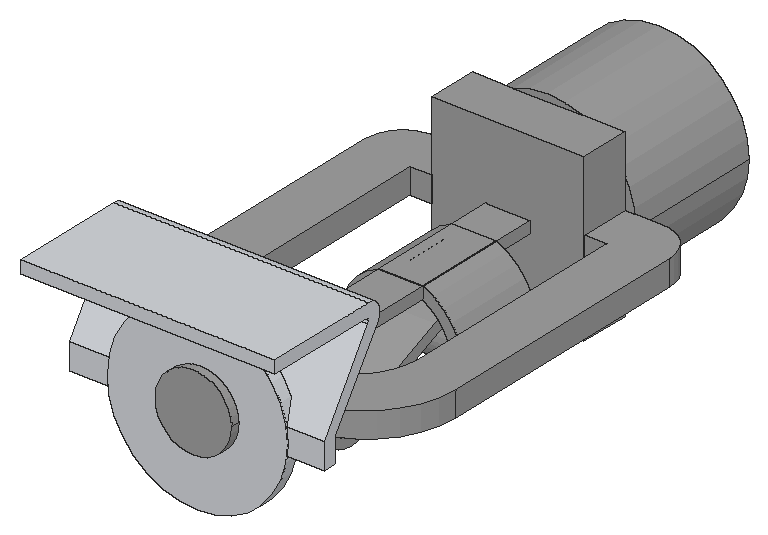
Revit family
Parameters (values of type "RASCO G HSW")
  Temperature Rating = 286 °F
  Response = (empty or 0)
  RASCO SIN # = "R1235"
  RASCO Part # = "GH3C"
  Pressure Rating = "175 PSI"
  Pressure Class = (empty or 0)
  Orifice Size = 1/2"
  Orifice = (empty or 0)
  Model = "G"
  Manufacturer = "RASCO"
  K-Factor = 5.62
  Description = "Chrome Finish"
  Coverage = (empty or 0)
Reference planes (in)
  plane 1 "Center (Front/Back)": y = 0
  plane 2: z = 0
  plane 3 "Center (Left/Right)": x = 0
Dimensions and locks (in)
  aligned and locked: plane 2 to level
Nested families (in)
  nested 1: "GH3C" at (0, 0, -0.77297), type "RASCO G HSW"
Connectors (in)
  piping at (-0.0055, 1.4375, 0.66453)
    settings: on nested 1, index 1, connector radius 0.43", flow factor 0, pipe flow 0 GPM, pressure drop 0.00 psi, fitting loss kfactor 0, connector angle 0.00°, fixture units 0, flow configuration 0, flow direction 0, fitting loss method 0, system type 7, connector reference index -1, connector utility 0, adjustable connector no, is connector primary yes, fitting loss table "", connector description ""
Definition of nested family "GH3C"
  Parameters (values of type "RASCO G HSW")
    Type Comments = ""
    Temperature Rating = 0 °F
    Response = (empty or 0)
    Pressure Rating = "0"
    Pressure Class = (empty or 0)
    Orifice Size = 0"
    Orifice = (empty or 0)
    Model = ""
    Manufacturer = ""
    K-Factor = 0
    Description = ""
    Coverage = (empty or 0)
    Assembly Code = ""
  Reference planes (in)
    plane 1 "Center (Front/Back)": y = 0
    plane 2: z = 0
    plane 3: x = -0.38065
    plane 4: x = 0.36935
    plane 5 "center": x = -0.00574
  Forms (in)
    Extrusion 1, solid, material "Default"
      sketch origin (-0.0055, 1.4375, 1.4375) x (-1, 0, 0) y (0, 0, -1)
        loop
          circle (0, 0) r 0.438
      from 0 to 0.6875
    Extrusion 2, solid, material "Default"
      sketch origin (0.11634, 0.75, 1.38573) x (-1, 0, 0) y (0, 0, -1)
        loop
          line (-0.2588, 0.356) -> (-0.2588, -0.4565) -> (0.4912, -0.4565) -> (0.4912, 0.356) -> (-0.2588, 0.356)
      from 0 to 0.25
    Extrusion 3, solid, material "Default"
      sketch origin (-0.0055, 1.4375, 1.4375) x (-1, 0, 0) y (0, -1, 0)
        loop
          line (-0.49248, 0.9375) -> (-0.49248, 2.10276)
          arc (-0.49248, 2.10276) -> (-0.40724, 2.30855) -> (-0.20145, 2.39379) r 0.29103
          line (-0.20145, 2.39379) -> (0.18108, 2.39379)
          arc (0.18108, 2.39379) -> (0.38905, 2.30765) -> (0.47519, 2.09969) r 0.29411
          line (0.47519, 2.09969) -> (0.47519, 0.9375) -> (0.36935, 0.9375) -> (0.36935, 0.6875) -> (0.55741, 0.6875)
          arc (0.55741, 0.6875) -> (0.69165, 0.7431) -> (0.74725, 0.87734) r 0.18984
          line (0.74725, 0.87734) -> (0.74725, 2.19113)
          arc (0.74725, 2.19113) -> (0.61669, 2.50631) -> (0.3015, 2.63687) r 0.44574
          line (0.3015, 2.63687) -> (-0.30719, 2.63687)
          arc (-0.30719, 2.63687) -> (-0.62225, 2.50637) -> (-0.75275, 2.19131) r 0.44556
          line (-0.75275, 2.19131) -> (-0.75275, 0.87876)
          arc (-0.75275, 0.87876) -> (-0.69673, 0.74352) -> (-0.56149, 0.6875) r 0.19126
          line (-0.56149, 0.6875) -> (-0.38065, 0.6875) -> (-0.38065, 0.9375) -> (-0.49248, 0.9375)
      from -0.06402 to 0.06098
    Extrusion 4, solid, material "Default"
      sketch origin (-0.00352, -1, 1.4375) x (1, 0, 0) y (0, 0, 1)
        loop
          circle (0.00574, -0.00152) r 0.1875
      from -0.04371 to 0.4375
    Extrusion 5, solid, material "Default"
      sketch origin (-0.0055, 0.5, 1.4375) x (1, 0, 0) y (0, 0, 1)
        loop
          line (-0.10175, -0.02852) -> (0.11324, -0.02852) -> (0.11324, 0.03101) -> (-0.10175, 0.03101) -> (-0.10175, -0.02852)
      from 0 to 1.45629
    Extrusion 6, solid, material "Default"
      sketch origin (0.00024, 1.51287, 1.447) x (0, 1, 0) y (0, 0, 1)
        loop
          line (-2.39379, 0.21198) -> (-2.39379, -0.229)
          arc (-2.39379, -0.229) -> (-2.26956, -0.41579) -> (-2.04926, -0.37342) r 0.20254
          arc (-2.04926, -0.37342) -> (-1.6599, -0.16721) -> (-1.22163, -0.12207) r 1.15319
          line (-1.22163, -0.12207) -> (-1.22163, -0.07087)
          arc (-1.22163, -0.07087) -> (-1.6782, -0.11947) -> (-2.0834, -0.33544) r 1.20419
          arc (-2.0834, -0.33544) -> (-2.24878, -0.36919) -> (-2.34279, -0.229) r 0.15154
          line (-2.34279, -0.229) -> (-2.34279, 0.21198) -> (-2.39379, 0.21198)
      from -0.17255 to 0.17398
    Extrusion 7, solid, material "Default"
      sketch origin (-0.0055, 1.4375, 1.4375) x (-1, 0, 0) y (0, 0, -1)
        loop
          arc (0.23993, 0.23051) -> (0.19768, 0.11115) -> (0.10175, 0.02852) r 0.24647
          line (0.10175, 0.02852) -> (-0.11324, 0.02852)
          arc (-0.11324, 0.02852) -> (-0.21767, 0.12447) -> (-0.25194, 0.2621) r 0.24647
          line (-0.25194, 0.2621) -> (-0.25194, 0.40777) -> (-0.30719, 0.40777) -> (-0.30719, 0.25942)
          arc (-0.30719, 0.25942) -> (-0.25653, 0.08328) -> (-0.11324, -0.03101) r 0.30157
          line (-0.11324, -0.03101) -> (0.10175, -0.03101)
          arc (0.10175, -0.03101) -> (0.24461, 0.08262) -> (0.29574, 0.25785) r 0.30157
          line (0.29574, 0.25785) -> (0.29574, 0.40777) -> (0.23993, 0.40777) -> (0.23993, 0.23051)
      from 1.14626 to 1.59756
    Extrusion 8, solid, material "Default"
      sketch origin (0.00024, 1.51287, 1.447) x (0, 1, 0) y (0, 0, 1)
        loop
          circle (-1.44728, -0.26892) r 0.13147
      from -0.24568 to 0.24619
  Cuts and joins
    joined: Extrusion 1, Extrusion 2
  Nested families (in)
    nested 1: "RASCO- F56H1B" at (-0.00574, -0.39016, 0.17609), type "RASCO F156 HSW"
  Definition of nested family "RASCO- F56H1B"
    Parameters (values of type "RASCO F156 HSW")
      Type Comments = ""
      Temperature Rating = 0 °F
      Response = (empty or 0)
      Pressure Rating = "0"
      Pressure Class = (empty or 0)
      Orifice Size = 0"
      Orifice = (empty or 0)
      Model = ""
      Manufacturer = ""
      K-Factor = 0
      Description = ""
      Coverage = (empty or 0)
      Assembly Code = ""
    Reference planes (in)
      plane 1 "Center (Front/Back)": y = 0
      plane 2: z = 0
      plane 3 "ref.2": z = 0.6875
      plane 4 "ref.3": z = 0.9375
      plane 5: x = -0.38065
      plane 6: x = 0.36935
      plane 7 "ref. side 1": y = 0.06402
      plane 8 "ref. side 2": y = -0.06098
      plane 9 "ref.4": z = 1.875
      plane 10 "ref.5": z = 2.3125
      plane 11 "ref.6": z = 2.4375
      plane 12 "center": x = -0.00574
    Forms (in)
      Extrusion 1, solid
        sketch origin (-0.01236, -0.89954, 1.2504) x (-1, 0, 0) y (0, 0, 1)
          loop
            circle (-0.00574, -0.00152) r 0.44275
        from -0.10531 to -0.03987
      Extrusion 2, solid
        sketch origin (-0.00662, 1.2679, 1.26334) x (0, -1, 0) y (0, 0, 1)
          loop
            line (2.27263, -0.06402) -> (2.27263, 0.06098) -> (2.00466, 0.4658)
            arc (2.00466, 0.4658) -> (2.00382, 0.48409) -> (2.01953, 0.49348) r 0.01783
            line (2.01953, 0.49348) -> (2.57559, 0.49348) -> (2.57559, 0.55848) -> (2.00257, 0.55848)
            arc (2.00257, 0.55848) -> (1.94355, 0.52319) -> (1.9467, 0.4545) r 0.067
            line (1.9467, 0.4545) -> (2.20719, 0.06098) -> (2.20719, -0.06402) -> (2.27263, -0.06402)
        from -0.62515 to 0.62904
